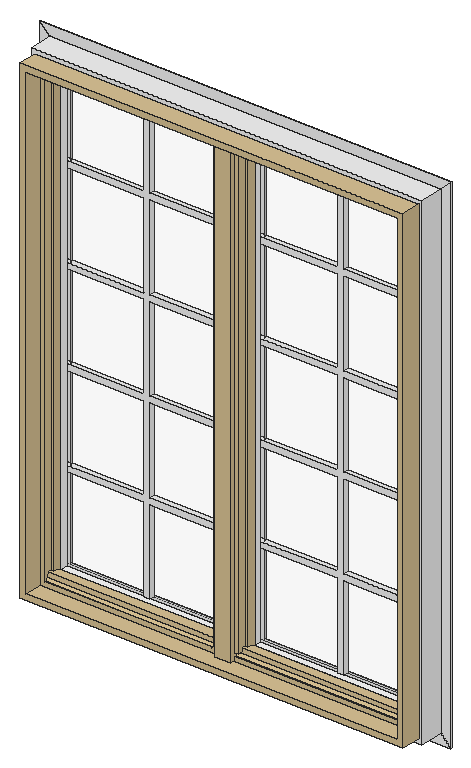
Revit family
Parameters (values of type "C25")
  Description = "400 Series Casement - Double Sash"
  Default Head Height = 6' - 8"
  Height = 4' - 11 7/8"
  Installation Flange Inset [instance] = 0' - 0 3/4"
  Manufacturer = "Andersen Corporation"
  Default Sill Height = Default Head Height - Height  # 1' - 8 1/8"
  Construction Type = "Vinyl Clad Wood"
  Model = "C25"
  Type Comments = "Shown w/ Optional Extension Jamb"
  Wall Closure = (empty or 0)
  Width = 4' - 0"
Types (9): name | Height | Default Sill Height | Model | Type Comments | Width
  (no name) | 4' - 11 7/8" | 1' - 8 1/8" | "C25" | "Shown w/ Optional Extension Jamb" | 4' - 0"
  CR25 | 4' - 11 7/8" | 1' - 8 1/8" | "CR25" | "Shown w/ Optional Extension Jamb" | 2' - 9 3/4"
  C25 | 4' - 11 7/8" | 1' - 8 1/8" | "C25" | "Shown w/ Optional Extension Jamb" | 4' - 0"
  CN25 | 4' - 11 7/8" | 1' - 8 1/8" | "CN25" | "Shown w/ Optional Extension Jambs" | 3' - 4 3/4"
  CW25 | 4' - 11 7/8" | 1' - 8 1/8" | "CW25" | "Shown w/ Optional Extension Jamb" | 4' - 8 1/2"
  C255 | 5' - 4 13/16" | 1' - 3 3/16" | "C255" | "Shown w/ Optional Extension Jamb" | 4' - 0"
  CN255 | 5' - 4 13/16" | 1' - 3 3/16" | "CN255" | "Shown w/ Optional Extension Jambs" | 3' - 4 3/4"
  CR255 | 5' - 4 13/16" | 1' - 3 3/16" | "CR255" | "Shown w/ Optional Extension Jamb" | 2' - 9 3/4"
  CW255 | 5' - 4 13/16" | 1' - 3 3/16" | "CW255" | "Shown w/ Optional Extension Jamb" | 4' - 8 1/2"
Reference planes (in)
  plane 1: y = 0
  plane 2: z = 0
  plane 3 "Center": x = 0
  plane 4 "Right": x = -24
  plane 5 "Left": x = 24
  plane 6 "Sill": z = 20.125
  plane 7 "Head Height": z = 80
  plane 8 "Installation Flange": y = 2.25
  plane 9: x = 22.2769
  plane 10: z = 22.50264
  plane 11: x = -11.90158
  plane 12: x = -1.52626
  plane 13: x = -22.2769
  plane 14: x = 11.90158
  plane 15: x = 1.52626
  plane 16: z = 22.00264
  plane 17: y = 2.5975
  plane 18: z = 78
  plane 19: z = 22.12764
  plane 20: z = 66.82553
  plane 21: z = 33.30211
  plane 22: z = 44.47658
  plane 23: z = 21.28075
  plane 24: z = 55.65106
  plane 25: z = 50.0625
Forms (in)
  Sweep 1, solid
    path origin (0, 0, 0) x (0, 0, -1) y (1, 0, 0)
      loop
        line (-20.125, 24) -> (-80, 24) -> (-80, -24) -> (-20.125, -24) -> (-20.125, 24)
    profile origin (0, 0, 0) x (0, 0, -1) y (0, -1, 0)
      loop
        line (-18.875, -2.25) -> (-20.125, -2.25) -> (-20.125, -2.375) -> (-18.875, -2.375) -> (-18.875, -2.25)
  Sweep 2, solid
    path origin (0, 2.5975, 0) x (0, 0, -1) y (1, 0, 0)
      loop
        line (-20.125, -1.12806) -> (-20.125, -23.42025)
    profile origin (-12.27415, 2.5975, 0) x (0, 0, -1) y (0, -1, 0)
      loop
        line (-78.04367, -0.652) -> (-77.98757, -0.21179) -> (-77.5698, -0.19789) -> (-77.46407, 0) -> (-78.09302, 0) -> (-78.09302, 0.625) -> (-77.56402, 0.625) -> (-77.68287, 1.348) -> (-78.36883, 1.348) -> (-78.46181, 0.8165) -> (-79.18702, 0.8165) -> (-79.18702, -0.652) -> (-78.04367, -0.652)
      loop
        line (-22.41279, 1.348) -> (-22.53164, 0.625) -> (-22.00264, 0.625) -> (-22.00264, 0) -> (-22.63159, 0) -> (-22.52586, -0.19789) -> (-22.10808, -0.21179) -> (-22.05199, -0.652) -> (-20.90864, -0.652) -> (-20.90864, 0.8165) -> (-21.63385, 0.8165) -> (-21.72683, 1.348) -> (-22.41279, 1.348)
  Sweep 3, solid
    path origin (0, 2.5975, 0) x (0, 0, -1) y (1, 0, 0)
      loop
        line (-20.125, 24) -> (-20.125, -24)
    profile origin (0, 2.5975, 0) x (0, 0, -1) y (0, -1, 0)
      loop
        line (-80, -0.9645) -> (-79.31202, -0.9645) -> (-79.31202, 0.8165) -> (-78.576, 0.8165) -> (-78.576, 3.1955) -> (-80, 3.1955) -> (-80, -0.9645)
      loop
        line (-20.76047, -0.9645) -> (-20.125, -0.9645) -> (-20.125, 3.1955) -> (-21.549, 3.1955) -> (-21.549, 0.8165) -> (-20.81298, 0.8165) -> (-20.76047, -0.9645)
  Sweep 4, solid
    path origin (0, 2.5975, 0) x (0, 0, -1) y (1, 0, 0)
      loop
        line (-20.125, 22.856) -> (-20.125, -22.856)
    profile origin (0, 2.5975, 0) x (0, 0, -1) y (0, -1, 0)
      loop
        line (-78.54687, 1.3655) -> (-77.66987, 1.3655) -> (-77.66987, 2.34528) -> (-78.02987, 2.3655) -> (-78.02987, 3.3655) -> (-78.79562, 3.3655) -> (-78.79562, 3.1955) -> (-78.54687, 3.1955) -> (-78.54687, 1.3655)
      loop
        line (-21.549, 1.3655) -> (-21.549, 3.1955) -> (-21.28075, 3.1955) -> (-21.28075, 3.3655) -> (-21.832, 3.3655) -> (-21.832, 3.2155) -> (-22.144, 2.9305) -> (-22.678, 2.88793) -> (-22.678, 1.6315) -> (-22.38, 1.3655) -> (-21.549, 1.3655)
  Sweep 5, solid
    path origin (0, 2.5975, 0) x (0, 0, -1) y (1, 0, 0)
      loop
        line (-20.125, 23.543) -> (-20.125, -23.543)
    profile origin (0, 2.5975, 0) x (0, 0, -1) y (0, -1, 0)
      loop
        line (-79.4836, 5.5975) -> (-79.4836, 3.1955) -> (-78.7966, 3.1955) -> (-78.7966, 5.5975) -> (-79.4836, 5.5975)
      loop
        line (-21.28075, 5.5975) -> (-21.28075, 3.1955) -> (-20.59375, 3.1955) -> (-20.59375, 5.5975) -> (-21.28075, 5.5975)
  Sweep 6, solid
    path origin (0, 2.5975, 0) x (0, 0, -1) y (1, 0, 0)
      loop
        line (-20.90864, -24) -> (-79.18702, -24)
    profile origin (0, 2.5975, 50.04783) x (-1, 0, 0) y (0, -1, 0)
      loop
        line (21.6973, 0) -> (21.80303, -0.19789) -> (22.22081, -0.21179) -> (22.2769, -0.652) -> (23.42025, -0.652) -> (23.42025, 0.8165) -> (22.69504, 0.8165) -> (22.60206, 1.348) -> (21.9161, 1.348) -> (21.79725, 0.625) -> (22.32625, 0.625) -> (22.32625, 0) -> (21.6973, 0)
      loop
        line (2.1258, 0) -> (1.49685, 0) -> (1.49685, 0.625) -> (2.02585, 0.625) -> (1.907, 1.348) -> (1.22104, 1.348) -> (1.12806, 0.8165) -> (0.40285, 0.8165) -> (0.40285, -0.652) -> (1.5462, -0.652) -> (1.60229, -0.21179) -> (2.02007, -0.19789) -> (2.1258, 0)
  Sweep 7, solid
    path origin (0, 0, 0) x (0, 0, -1) y (1, 0, 0)
      loop
        line (-79.4836, -24) -> (-20.59375, -24)
    profile origin (0, 0, 50.03868) x (0, -1, 0) y (1, 0, 0)
      loop
        line (3, -23.543) -> (3, -22.856) -> (0.598, -22.856) -> (0.598, -23.543) -> (3, -23.543)
      loop
        line (3, 23.543) -> (0.598, 23.543) -> (0.598, 22.856) -> (3, 22.856) -> (3, 23.543)
  Sweep 8, solid
    path origin (0, 2.5975, 0) x (0, 0, -1) y (1, 0, 0)
      loop
        line (-20.125, 24) -> (-80, 24)
    profile origin (0, 2.5975, 50.0625) x (-1, 0, 0) y (0, -1, 0)
      loop
        line (-23.514, 0.8165) -> (-22.856, 0.8165) -> (-22.856, 3.1955) -> (-24, 3.1955) -> (-24, -0.9645) -> (-23.514, -0.9645) -> (-23.514, 0.8165)
      loop
        line (23.514, 0.8165) -> (23.514, -0.9645) -> (24, -0.9645) -> (24, 3.1955) -> (22.856, 3.1955) -> (22.856, 0.8165) -> (23.514, 0.8165)
  Sweep 9, solid
    path origin (0, 0, 0) x (0, 0, -1) y (1, 0, 0)
      loop
        line (-78.79562, -24) -> (-21.28075, -24)
    profile origin (0, 0, 50.03818) x (0, -1, 0) y (1, 0, 0)
      loop
        line (0.768, -22.856) -> (0.768, -22.309) -> (-0.232, -22.309) -> (-0.25222, -21.949) -> (-1.2495, -21.949) -> (-1.2495, -22.856) -> (0.768, -22.856)
      loop
        line (0.768, -1) -> (-1.2495, -1) -> (-1.2495, -1.907) -> (-0.25222, -1.907) -> (-0.25222, -1.547) -> (0.768, -1.547) -> (0.768, -1)
  Extrusion 10, solid
    sketch origin (0, 2.5975, 0) x (0, 0, 1) y (1, 0, 0)
      loop
        line (67.20053, -11.52658) -> (67.20053, -1.52626) -> (66.45053, -1.52626) -> (66.45053, -11.52658) -> (56.02606, -11.52658) -> (56.02606, -1.52626) -> (55.27606, -1.52626) -> (55.27606, -11.52658) -> (44.85158, -11.52658) -> (44.85158, -1.52626) -> (44.10158, -1.52626) -> (44.10158, -11.52658) -> (33.67711, -11.52658) -> (33.67711, -1.52626) -> (32.92711, -1.52626) -> (32.92711, -11.52658) -> (22.50264, -11.52658) -> (22.50264, -12.27658) -> (32.92711, -12.27658) -> (32.92711, -22.2769) -> (33.67711, -22.2769) -> (33.67711, -12.27658) -> (44.10158, -12.27658) -> (44.10158, -22.2769) -> (44.85158, -22.2769) -> (44.85158, -12.27658) -> (55.27606, -12.27658) -> (55.27606, -22.2769) -> (56.02606, -22.2769) -> (56.02606, -12.27658) -> (66.45053, -12.27658) -> (66.45053, -22.2769) -> (67.20053, -22.2769) -> (67.20053, -12.27658) -> (77.78198, -12.27658) -> (77.78198, -11.52658) -> (67.20053, -11.52658)
    from -0.625 to 0
  Sweep 11, solid
    path origin (0, 2.5975, 0) x (0, 0, -1) y (1, 0, 0)
      loop
        line (-78.7966, 0) -> (-21.28075, 0)
    profile origin (0, 2.5975, 50.03868) x (0, -1, 0) y (1, 0, 0)
      loop
        line (3.8655, -1) -> (3.8655, 1) -> (2.88793, 1) -> (2.88793, -1) -> (3.8655, -1)
  Sweep 12, solid
    path origin (0, 2.5975, -3.57077) x (0, 0, -1) y (1, 0, 0)
      loop
        line (-24.47941, 22.2769) -> (-82.36639, 22.2769)
    profile origin (0, 2.5975, 49.85213) x (-1, 0, 0) y (0, -1, 0)
      loop
        line (-21.6973, 0) -> (-22.32625, 0) -> (-22.32625, 0.625) -> (-21.79725, 0.625) -> (-21.9161, 1.348) -> (-22.60206, 1.348) -> (-22.69504, 0.8165) -> (-23.42025, 0.8165) -> (-23.42025, -0.652) -> (-22.2769, -0.652) -> (-22.22081, -0.21179) -> (-21.80303, -0.19789) -> (-21.6973, 0)
      loop
        line (-2.1258, 0) -> (-2.02007, -0.19789) -> (-1.60229, -0.21179) -> (-1.5462, -0.652) -> (-0.40285, -0.652) -> (-0.40285, 0.8165) -> (-1.12806, 0.8165) -> (-1.22104, 1.348) -> (-1.907, 1.348) -> (-2.02585, 0.625) -> (-1.49685, 0.625) -> (-1.49685, 0) -> (-2.1258, 0)
  Sweep 13, solid
    path origin (0, 2.5975, -0.3914) x (0, 0, -1) y (1, 0, 0)
      loop
        line (-21.20438, 23.42025) -> (-21.20438, 0.40285)
    profile origin (11.91155, 2.5975, 0) x (0, 0, -1) y (0, -1, 0)
      loop
        line (-78.04428, -0.652) -> (-77.98819, -0.21179) -> (-77.57041, -0.19789) -> (-77.46468, 0) -> (-78.09363, 0) -> (-78.09363, 0.625) -> (-77.56463, 0.625) -> (-77.68348, 1.348) -> (-78.36944, 1.348) -> (-78.46243, 0.8165) -> (-79.18702, 0.8165) -> (-79.18702, -0.652) -> (-78.04428, -0.652)
      loop
        line (-22.41279, 1.348) -> (-22.53164, 0.625) -> (-22.00264, 0.625) -> (-22.00264, 0) -> (-22.63159, 0) -> (-22.52586, -0.19789) -> (-22.10808, -0.21179) -> (-22.05199, -0.652) -> (-20.90864, -0.652) -> (-20.90864, 0.8165) -> (-21.63385, 0.8165) -> (-21.72683, 1.348) -> (-22.41279, 1.348)
  Sweep 14, solid
    path origin (0, 2.5975, 0) x (0, 0, -1) y (1, 0, 0)
      loop
        line (-79.31202, 0) -> (-20.81298, 0)
    profile origin (0, 2.5975, 50.0625) x (0, -1, 0) y (1, 0, 0)
      loop
        line (0.8165, -1) -> (2.88793, -1) -> (2.88793, 1) -> (0.8165, 1) -> (0.8165, 0.40285) -> (-0.9645, 0.24703) -> (-0.9645, -0.24703) -> (0.8165, -0.40285) -> (0.8165, -1)
  Extrusion 15, solid
    sketch origin (0, 2.5975, 0) x (0, 0, -1) y (1, 0, 0)
      loop
        line (-32.92711, 1.52626) -> (-32.92711, 11.52658) -> (-22.50264, 11.52658) -> (-22.50264, 12.27658) -> (-32.92711, 12.27658) -> (-32.92711, 22.2769) -> (-33.67711, 22.2769) -> (-33.67711, 12.27658) -> (-44.10158, 12.27658) -> (-44.10158, 22.2769) -> (-44.85158, 22.2769) -> (-44.85158, 12.27658) -> (-55.27606, 12.27658) -> (-55.27606, 22.2769) -> (-56.02606, 22.2769) -> (-56.02606, 12.27658) -> (-66.45053, 12.27658) -> (-66.45053, 22.2769) -> (-67.20053, 22.2769) -> (-67.20053, 12.27658) -> (-77.78198, 12.27658) -> (-77.78198, 11.52658) -> (-67.20053, 11.52658) -> (-67.20053, 1.52626) -> (-66.45053, 1.52626) -> (-66.45053, 11.52658) -> (-56.02606, 11.52658) -> (-56.02606, 1.52626) -> (-55.27606, 1.52626) -> (-55.27606, 11.52658) -> (-44.85158, 11.52658) -> (-44.85158, 1.52626) -> (-44.10158, 1.52626) -> (-44.10158, 11.52658) -> (-33.67711, 11.52658) -> (-33.67711, 1.52626) -> (-32.92711, 1.52626)
    from 0 to 0.625
  Extrusion 16, solid
    sketch origin (0, 2.5975, 0) x (0, 0, -1) y (1, 0, 0)
      loop
        line (-77.875, 22.2769) -> (-77.875, 1.52626) -> (-22.50264, 1.52626) -> (-22.50264, 22.2769) -> (-77.875, 22.2769)
      loop
        line (-77.875, -22.2769) -> (-22.50264, -22.2769) -> (-22.50264, -1.52626) -> (-77.875, -1.52626) -> (-77.875, -22.2769)
    from 0 to 0.625
  Extrusion 17, solid
    sketch origin (0, 0, 0) x (1, 0, 0) y (0, 1, 0)
      loop
        line (1, -0.768) -> (1.547, -0.768) -> (1.547, 0.25222) -> (1.907, 0.25222) -> (1.907, 1.2495) -> (1, 1.2495) -> (1, -0.768)
      loop
        line (22.856, -0.768) -> (22.856, 1.2495) -> (21.949, 1.2495) -> (21.949, 0.25222) -> (22.309, 0.25222) -> (22.309, -0.768) -> (22.856, -0.768)
    from 22.25264 to 78.79562
Cuts and joins
  joined: Sweep 2, Sweep 6
  joined: Sweep 5, Sweep 7
  joined: Sweep 3, Sweep 8
  joined: Sweep 4, Sweep 9, Extrusion 17
  joined: Sweep 12, Sweep 13
Lines and regions (in)
  Opening 1
    outline origin (-60, -3, 0) x (1, 0, 0) y (0, 0, 1)
      loop
        line (35.75, 80.25) -> (35.75, 19.875) -> (84.25, 19.875) -> (84.25, 80.25) -> (35.75, 80.25)
  symbolic lines, style "WindowsFrameMullionProjection"
    curve 1: line (2.10586, 1.9725, 0) -> (21.6973, 1.9725, 0)
    curve 2: line (2.10586, 2.5975, 0) -> (21.6973, 2.5975, 0)
  symbolic lines
    curve 3: line (-24, 3.562, 0) -> (-24, -0.598, 0)
    curve 4: line (-22.856, 3.562, 0) -> (-24, 3.562, 0)
    curve 5: line (-23.543, -0.598, 0) -> (-23.543, -3, 0)
    curve 6: line (-24, -0.598, 0) -> (-23.543, -0.598, 0)
    curve 7: line (-22.856, 3.2495, 0) -> (-22.856, 3.562, 0)
    curve 8: line (-21.6973, 3.2495, 0) -> (-22.856, 3.2495, 0)
    curve 9: line (-22.856, 1.2495, 0) -> (-21.6973, 1.2495, 0)
    curve 10: line (-21.6973, 1.2495, 0) -> (-21.6973, 3.2495, 0)
    curve 11: line (-22.856, -3, 0) -> (-22.856, 1.2495, 0)
    curve 12: line (-23.543, -3, 0) -> (-22.856, -3, 0)
    curve 13: line (24, 3.562, 0) -> (24, -0.598, 0)
    curve 14: line (22.856, 3.562, 0) -> (24, 3.562, 0)
    curve 15: line (23.543, -0.598, 0) -> (23.543, -3, 0)
    curve 16: line (24, -0.598, 0) -> (23.543, -0.598, 0)
    curve 17: line (22.856, 3.2495, 0) -> (22.856, 3.562, 0)
    curve 18: line (21.6973, 3.2495, 0) -> (22.856, 3.2495, 0)
    curve 19: line (22.856, 1.2495, 0) -> (21.6973, 1.2495, 0)
    curve 20: line (21.6973, 1.2495, 0) -> (21.6973, 3.2495, 0)
    curve 21: line (22.856, -3, 0) -> (22.856, 1.2495, 0)
    curve 22: line (23.543, -3, 0) -> (22.856, -3, 0)
    curve 23: line (-21.6973, 2.5975, 0) -> (-2.1258, 2.5975, 0)
    curve 24: line (-0.94716, 3.562, 0) -> (0.94716, 3.562, 0)
    curve 25: line (-0.94716, 3.2495, 0) -> (-0.94716, 3.562, 0)
    curve 26: line (-2.10586, 3.2495, 0) -> (-0.94716, 3.2495, 0)
    curve 27: line (-1, 1.232, 0) -> (-2.10586, 1.232, 0)
    curve 28: line (-2.10586, 1.232, 0) -> (-2.10586, 3.2495, 0)
    curve 29: line (-1, -1.268, 0) -> (-1, 1.232, 0)
    curve 30: line (-1, -1.268, 0) -> (1, -1.268, 0)
    curve 31: line (0.94716, 3.2495, 0) -> (0.94716, 3.562, 0)
    curve 32: line (2.10586, 3.2495, 0) -> (0.94716, 3.2495, 0)
    curve 33: line (1, 1.2495, 0) -> (2.10586, 1.2495, 0)
    curve 34: line (2.10586, 1.2495, 0) -> (2.10586, 3.2495, 0)
    curve 35: line (1, -1.268, 0) -> (1, 1.2495, 0)
    curve 40: line (-21.6973, 1.95607, 0) -> (-2.1258, 1.95607, 0)
  symbolic lines, style "Elevation Swing"
    curve 36: line (2.1258, 0, 77.46468) -> (21.6973, 0, 50.04814)
    curve 37: line (21.6973, 0, 50.04814) -> (2.1258, 0, 22.63159)
    curve 38: line (-2.1258, 0, 77.46468) -> (-21.6973, 0, 50.04814)
    curve 39: line (-21.6973, 0, 50.04814) -> (-2.1258, 0, 22.63159)
Text (in)
  text "EXTERIOR" at (-56.58296, 30.41546, 0), in view "Ref. Level"
  text "INTERIOR" at (-58.6888, -13.80711, 0), in view "Ref. Level"
  text "Exterior" at (0, 28.69995, 90.16741), in view "Left"
  text "Exterior" at (0, 18.29385, 125.04747), in view "Right"
Dimensions and locks (in)
  equal spacing: plane 4 "Right", plane 3 "Center", plane 5 "Left"
  "Width": plane 4 "Right" to plane 5 "Left"
  "Height": plane 6 "Sill" to plane 7 "Head Height"
  locked: plane 5 "Left" to Opening 1 sketch curve at 0.25
  locked: plane 7 "Head Height" to Opening 1 sketch curve at 0.25
  locked: Opening 1 sketch curve to plane 4 "Right" at 0.25
  locked: Opening 1 sketch curve to plane 6 "Sill" at 0.25
  "Installation Flange Inset": host wall to plane 8 "Installation Flange"
  Sweep 1 sketch curve to plane 6 "Sill" = 0' - 1 1/4"
  locked: Sweep 1 sketch curve to plane 8 "Installation Flange" at 0.125
  locked: plane 4 "Right" to Sweep 6 sketch curve at 0.57975
  plane 4 "Right" to Sweep 7 sketch curve to Sweep 7 sketch curve = 0' - 0.457" locked, 0' - 0.687" locked
  Sweep 7 sketch curve to Sweep 7 sketch curve to plane 5 "Left" = 0' - 0.687" locked, 0' - 0.457" locked
  plane 6 "Sill" to Sweep 4 sketch curve to Sweep 4 sketch curve = 0' - 1.424" locked, 0' - 1.129" locked
  Sweep 4 sketch curve to Sweep 4 sketch curve to plane 7 "Head Height" = 0' - 0.877" locked, 0' - 1 29/64" locked
  Sweep 2 sketch curve to Sweep 2 sketch curve to plane 7 "Head Height" = 0' - 1.14335" locked, 0' - 0.81298" locked
  Sweep 2 sketch curve to plane 8 "Installation Flange" to Sweep 2 sketch curve to Sweep 2 sketch curve = 0' - 0.9995" locked, 0' - 0.469" locked, 0' - 0.5315" locked
  locked: plane 8 "Installation Flange" to Sweep 5 sketch curve at 2.848
  locked: Sweep 5 sketch curve to plane 7 "Head Height" at 1.2034
  plane 6 "Sill" to Sweep 5 sketch curve to Sweep 5 sketch curve = 0' - 0 15/32" locked, 0' - 0.687" locked
  Sweep 3 sketch curve to Sweep 3 sketch curve to plane 7 "Head Height" = 0' - 0.73602" locked, 0' - 0.68798" locked
  plane 6 "Sill" to Sweep 3 sketch curve to Sweep 3 sketch curve = 0' - 0" locked, 0' - 1.424" locked
  Sweep 9 sketch curve to Sweep 9 sketch curve to plane 8 "Installation Flange" = 0' - 2.0175" locked, 0' - 1.0005" locked
  plane 4 "Right" to Sweep 9 sketch curve to Sweep 9 sketch curve = 0' - 1.144" locked, 0' - 0.907" locked
  plane 8 "Installation Flange" to Sweep 4 sketch curve to Sweep 4 sketch curve = 0' - 1.018" locked, 0' - 2" locked
  Sweep 3 sketch curve to plane 8 "Installation Flange" to Sweep 3 sketch curve = 0' - 1.312" locked, 0' - 2.848" locked
  Sweep 6 sketch curve to plane 8 "Installation Flange" to Sweep 6 sketch curve = 0' - 1.0005" locked, 0' - 0.9995" locked
  plane 9 to plane 5 "Left" = 0' - 1.7231"
  Extrusion 10 sketch curve to plane 11 to Extrusion 10 sketch curve = 0' - 0 3/8" locked, 0' - 0 3/8" locked
  Sweep 6 sketch curve to plane 3 "Center" = 0' - 0.40285"
  plane 15 to plane 3 "Center" to plane 12 = 0' - 1.52626" locked, 0' - 1.52626" locked
  locked: plane 4 "Right" to plane 13 at 1.7231
  equal spacing: plane 12, plane 11, plane 13
  locked: Sweep 11 sketch curve to cut or joined group of Sweep 4, Sweep 9, Extrusion 17 at 0.5
  Extrusion 10 sketch curve to plane 20 to Extrusion 10 sketch curve = 0' - 0 3/8" locked, 0' - 0 3/8" locked
  Extrusion 10 sketch curve to plane 21 to Extrusion 10 sketch curve = 0' - 0 3/8" locked, 0' - 0 3/8" locked
  equal spacing: plane 9, plane 14, plane 15
  locked: plane 9 to plane 5 "Left" at 1.7231
  locked: Sweep 13 sketch curve to plane 8 "Installation Flange" at 0.9995
  Sweep 8 sketch curve to plane 8 "Installation Flange" to Sweep 8 sketch curve = 0' - 2.848" locked, 0' - 1.312" locked
  locked: plane 3 "Center" to Sweep 12 sketch curve at 0.40285
  Extrusion 15 sketch curve to plane 14 to Extrusion 15 sketch curve = 0' - 0 3/8" locked, 0' - 0 3/8" locked
  locked: plane 10 to plane 16 at 0.5
  locked: plane 17 to plane 8 "Installation Flange" at 0.3475
  locked: plane 8 "Installation Flange" to Extrusion 16 at 0.3475
  Sweep 9 sketch curve to Sweep 9 sketch curve to Sweep 9 sketch curve to plane 3 "Center" = 0' - 0.36" locked, 0' - 0.547" locked, 0' - 1" locked
  plane 3 "Center" to Sweep 14 to Extrusion 17 sketch curve to Extrusion 17 sketch curve = 0' - 1" locked, 0' - 0.547" locked, 0' - 0.36" locked
  Extrusion 17 sketch curve to Extrusion 17 sketch curve to Extrusion 17 sketch curve to plane 5 "Left" = 0' - 0.36" locked, 0' - 0.547" locked, 0' - 1.144" locked
  plane 6 "Sill" to plane 10 = 0' - 2.37764"
  locked: plane 18 to plane 7 "Head Height" at 2
  equal spacing: plane 19, plane 21, plane 22, plane 24, plane 20, plane 18
  locked: plane 6 "Sill" to plane 19 at 2.00264
  locked: Extrusion 17 sketch curve to plane 8 "Installation Flange" at 1.99778
  Sweep 14 sketch curve to Sweep 14 sketch curve to plane 8 "Installation Flange" = 0' - 2.07143" locked, 0' - 0.469" locked
  Extrusion 10 sketch curve to plane 22 to Extrusion 10 sketch curve = 0' - 0 3/8" locked, 0' - 0 3/8" locked
  locked: plane 23 to plane 6 "Sill" at 1.15575
  Extrusion 10 sketch curve to plane 24 to Extrusion 10 sketch curve = 0' - 0 3/8" locked, 0' - 0 3/8" locked
  level to plane 7 "Head Height" = 6' - 8"
  "Default Sill Height": level to plane 6 "Sill"
  equal spacing: plane 6 "Sill", plane 25, plane 7 "Head Height"
  aligned and locked: Sweep 1 sketch curve to plane 6 "Sill"
  aligned and locked: plane 7 "Head Height" to Sweep 1 sketch curve
  aligned and locked: Sweep 1 sketch curve to plane 4 "Right"
  aligned and locked: Sweep 1 sketch curve to plane 5 "Left"
  aligned and locked: Sweep 1 sketch curve to plane 8 "Installation Flange"
  aligned and locked: plane 6 "Sill" to Sweep 1 sketch curve
  aligned and locked: Sweep 1 to Sweep 3 sketch curve
  aligned and locked: Sweep 3 sketch curve to plane 6 "Sill"
  aligned and locked: plane 5 "Left" to Sweep 3 sketch curve
  aligned and locked: Sweep 4 sketch curve to plane 6 "Sill"
  aligned and locked: Sweep 5 sketch curve to plane 6 "Sill"
  aligned and locked: host wall to Sweep 5 sketch curve  (x2)
  aligned and locked: Sweep 6 sketch curve to plane 4 "Right"
  aligned and locked: Sweep 2 to Sweep 6 sketch curve  (x2)
  aligned and locked: Sweep 2 sketch curve to plane 6 "Sill"
  aligned and locked: plane 4 "Right" to Sweep 7 sketch curve
  aligned and locked: Sweep 7 sketch curve to host wall
  aligned and locked: Sweep 7 sketch curve to Sweep 5
  aligned and locked: host wall to Sweep 7 sketch curve
  aligned and locked: Sweep 5 to Sweep 7 sketch curve  (x3)
  aligned and locked: Sweep 8 sketch curve to Sweep 3  (x2)
  aligned and locked: Sweep 3 to Sweep 8 sketch curve
  aligned and locked: plane 4 "Right" to Sweep 9 sketch curve
  aligned and locked: Sweep 4 to Sweep 9 sketch curve
  aligned and locked: Sweep 9 sketch curve to Sweep 4
  aligned and locked: Sweep 4 sketch curve to Sweep 4 sketch curve  (x2)
  aligned and locked: Sweep 2 sketch curve to Sweep 2 sketch curve  (x3)
  aligned and locked: Sweep 5 sketch curve to Sweep 5 sketch curve
  aligned and locked: Sweep 3 sketch curve to Sweep 3 sketch curve  (x2)
  aligned and locked: host wall to cut or joined group of Sweep 5, Sweep 7
  aligned and locked: Sweep 6 sketch curve to Sweep 6 sketch curve
  aligned and locked: Extrusion 10 sketch curve to Extrusion 10 sketch curve  (x12)
  aligned and locked: plane 10 to Extrusion 10 sketch curve
  aligned and locked: Extrusion 10 sketch curve to plane 13  (x3)
  aligned and locked: plane 12 to Extrusion 10 sketch curve  (x3)
  aligned and locked: plane 9 to Sweep 12 sketch curve
  aligned and locked: cut or joined group of Sweep 3, Sweep 8 to Sweep 13 sketch curve
  aligned and locked: Sweep 13 sketch curve to Sweep 13 sketch curve  (x3)
  aligned and locked: Sweep 13 sketch curve to cut or joined group of Sweep 2, Sweep 6  (x3)
  aligned and locked: cut or joined group of Sweep 2, Sweep 6 to Sweep 12 sketch curve
  aligned and locked: Sweep 12 sketch curve to cut or joined group of Sweep 2, Sweep 6
  aligned and locked: Sweep 8 sketch curve to Sweep 8 sketch curve  (x2)
  aligned and locked: Sweep 14 sketch curve to cut or joined group of Sweep 3, Sweep 8  (x2)
  aligned and locked: cut or joined group of Sweep 3, Sweep 8 to Sweep 14 sketch curve
  aligned and locked: cut or joined group of Sweep 5, Sweep 7 to Sweep 4 sketch curve
  aligned and locked: Extrusion 15 sketch curve to Extrusion 10  (x10)
  aligned and locked: Extrusion 10 to Extrusion 15 sketch curve  (x8)
  aligned and locked: Extrusion 15 sketch curve to plane 9  (x3)
  aligned and locked: plane 15 to Extrusion 15 sketch curve  (x3)
  aligned and locked: Extrusion 15 to Extrusion 10
  aligned and locked: Extrusion 10 to Extrusion 15
  aligned and locked: Extrusion 15 sketch curve to Extrusion 15 sketch curve  (x4)
  aligned and locked: Sweep 13 sketch curve to cut or joined group of Sweep 12, Sweep 13
  aligned and locked: Extrusion 16 sketch curve to plane 10
  aligned and locked: plane 15 to Extrusion 16 sketch curve
  aligned and locked: Extrusion 16 sketch curve to plane 9
  aligned and locked: plane 16 to cut or joined group of Sweep 2, Sweep 6
  aligned and locked: plane 17 to Extrusion 10
  aligned and locked: plane 17 to Extrusion 16
  aligned and locked: plane 17 to Extrusion 15
  aligned and locked: plane 12 to Extrusion 16 sketch curve
  aligned and locked: Extrusion 16 sketch curve to plane 13
  aligned and locked: Extrusion 16 sketch curve to Extrusion 16 sketch curve  (x2)
  aligned and locked: Extrusion 16 to cut or joined group of Sweep 2, Sweep 6
  aligned and locked: Extrusion 10 to Extrusion 16
  aligned and locked: Extrusion 15 to Extrusion 16
  aligned and locked: Extrusion 17 sketch curve to Extrusion 17 sketch curve  (x2)
  aligned and locked: Extrusion 17 sketch curve to cut or joined group of Sweep 4, Sweep 9, Extrusion 17
  aligned and locked: cut or joined group of Sweep 4, Sweep 9, Extrusion 17 to Extrusion 17 sketch curve  (x2)
  aligned and locked: Extrusion 17 to cut or joined group of Sweep 12, Sweep 13
  aligned and locked: host wall to curve 12
  aligned and locked: cut or joined group of Sweep 3, Sweep 8 to curve 4
  aligned and locked: cut or joined group of Sweep 2, Sweep 6 to curve 8
  aligned and locked: cut or joined group of Sweep 2, Sweep 6 to curve 9
  aligned and locked: curve 6 to cut or joined group of Sweep 3, Sweep 8
  aligned and locked: curve 30 to Sweep 11
  aligned and locked: curve 24 to cut or joined group of Sweep 3, Sweep 8
  aligned and locked: curve 32 to cut or joined group of Sweep 2, Sweep 6
  aligned and locked: cut or joined group of Sweep 2, Sweep 6 to curve 33
  aligned and locked: cut or joined group of Sweep 4, Sweep 9, Extrusion 17 to curve 27
  aligned and locked: curve 29 to Sweep 14
  aligned and locked: curve 35 to Sweep 14
  aligned and locked: Sweep 14 sketch curve to Sweep 14 sketch curve
  aligned and locked: Sweep 11 sketch curve to Sweep 14
  aligned and locked: curve 26 to cut or joined group of Sweep 2, Sweep 6
  aligned and locked: curve 18 to cut or joined group of Sweep 12, Sweep 13
  aligned and locked: curve 14 to cut or joined group of Sweep 3, Sweep 8
  aligned and locked: curve 16 to cut or joined group of Sweep 3, Sweep 8
  aligned and locked: plane 23 to cut or joined group of Sweep 5, Sweep 7
Automatic sketch dimensions
  Sweep 2 sketch curve to Sweep 2 sketch curve = 0' - 0.09298"
  Sweep 2 sketch curve to Sweep 2 sketch curve = 0' - 0.36879"  (x2)
  Sweep 2 sketch curve to Sweep 2 sketch curve = 0' - 0.04935"
  Sweep 2 sketch curve to Sweep 2 sketch curve = 0' - 0.10544"
  Sweep 2 sketch curve to Sweep 2 sketch curve = 0' - 0.68596"  (x2)
  Sweep 2 sketch curve to Sweep 2 sketch curve = 0' - 0.41777"  (x2)
  Sweep 2 sketch curve to Sweep 2 sketch curve = 0' - 0.529"  (x2)
  Sweep 2 sketch curve to Sweep 2 sketch curve = 0' - 0.10573"  (x2)
  Sweep 2 sketch curve to Sweep 2 sketch curve = 0' - 0.09995"
  Sweep 2 sketch curve to Sweep 2 sketch curve = 0' - 0.11885"
  Sweep 2 sketch curve to Sweep 2 sketch curve = 0' - 0.0561"
  Sweep 2 sketch curve to Sweep 2 sketch curve = 0' - 0.44021"  (x2)
  Sweep 2 sketch curve to Sweep 2 sketch curve = 0' - 0.0139"  (x2)
  Sweep 2 sketch curve to Sweep 2 sketch curve = 0' - 0.19789"
  Sweep 2 sketch curve to Sweep 2 sketch curve = 0' - 0.21179"
  Sweep 2 sketch curve to Sweep 2 sketch curve = 0' - 0.1915"  (x2)
  Sweep 6 sketch curve to Sweep 6 sketch curve = 0' - 0.72521"
  Sweep 6 sketch curve to Sweep 6 sketch curve = 0' - 0.09298"
  Sweep 6 sketch curve to Sweep 6 sketch curve = 0' - 0.36879"  (x2)
  Sweep 6 sketch curve to Sweep 6 sketch curve = 0' - 0.04935"
  Sweep 6 sketch curve to Sweep 6 sketch curve = 0' - 0.10544"  (x2)
  Sweep 6 sketch curve to Sweep 6 sketch curve = 0' - 0.68596"  (x2)
  Sweep 6 sketch curve to Sweep 6 sketch curve = 0' - 0.41777"  (x2)
  Sweep 6 sketch curve to Sweep 6 sketch curve = 0' - 0.529"
  Sweep 6 sketch curve to Sweep 6 sketch curve = 0' - 0.10573"  (x2)
  profile plane to Sweep 6 sketch curve = 0' - 2.3027"
  Sweep 6 sketch curve to Sweep 6 sketch curve = 0' - 0.09995"
  Sweep 6 sketch curve to Sweep 6 sketch curve = 0' - 0.11885"
  Sweep 6 sketch curve to Sweep 6 sketch curve = 0' - 0.0561"
  Sweep 6 sketch curve to Sweep 6 sketch curve = 0' - 0.44021"  (x2)
  Sweep 6 sketch curve to Sweep 6 sketch curve = 0' - 0.0139"  (x2)
  Sweep 6 sketch curve to Sweep 6 sketch curve = 0' - 0.21179"
  Sweep 6 sketch curve to Sweep 6 sketch curve = 0' - 0.19789"
  Sweep 6 sketch curve to Sweep 6 sketch curve = 0' - 0 5/8"
  Sweep 6 sketch curve to Sweep 6 sketch curve = 0' - 0.1915"  (x2)
  Sweep 6 sketch curve to Sweep 6 sketch curve = 0' - 0.5315"
  Sweep 5 sketch curve to plane 4 "Right" = 0' - 0.457"
  plane 5 "Left" to Sweep 5 sketch curve = 0' - 0.457"
  Sweep 8 sketch curve to profile plane = 0' - 0"
  Sweep 8 sketch curve to Sweep 8 sketch curve = 0' - 0.486"  (x2)
  Sweep 8 sketch curve to Sweep 8 sketch curve = 0' - 1.144"
  Sweep 8 sketch curve to Sweep 8 sketch curve = 0' - 0.658"
  Sweep 8 sketch curve to Sweep 8 sketch curve = 0' - 1.781"  (x2)
  Sweep 8 sketch curve to plane 5 "Left" = 0' - 0"
  plane 5 "Left" to Sweep 4 sketch curve = 0' - 1.144"
  Sweep 4 sketch curve to plane 4 "Right" = 0' - 1.144"
  Sweep 6 sketch curve to Sweep 6 sketch curve = 0' - 1.277"
  Sweep 11 sketch curve to plane 3 "Center" = 0' - 0"
  Sweep 2 sketch curve to plane 4 "Right" = 0' - 0.57975"
  Sweep 2 sketch curve to plane 3 "Center" = 0' - 1.12806"
  plane 5 "Left" to Sweep 13 sketch curve = 0' - 0.57975"
  Sweep 14 sketch curve to plane 3 "Center" = 0' - 0"
  Sweep 14 sketch curve to profile plane = 0' - 0.24703"
  profile plane to Sweep 14 sketch curve = 0' - 0.40285"
  profile plane to Sweep 14 sketch curve = 0' - 1"
  profile plane to Sweep 14 sketch curve = 0' - 0.24703"
  Sweep 14 sketch curve to profile plane = 0' - 0.40285"
  Sweep 14 sketch curve to Sweep 14 sketch curve = 0' - 0.59715"
  Sweep 3 sketch curve to Sweep 3 sketch curve = 0' - 0.68798"
  profile plane to Sweep 3 sketch curve = 0' - 0.68798"
  profile plane to Sweep 3 sketch curve = 0' - 0.63547"
  Sweep 3 sketch curve to Sweep 3 sketch curve = 0' - 1.781"  (x2)
  Sweep 13 sketch curve to Sweep 13 sketch curve = 0' - 0.72459"
  Sweep 13 sketch curve to Sweep 13 sketch curve = 0' - 0.09298"
  Sweep 13 sketch curve to Sweep 13 sketch curve = 0' - 0.36879"  (x2)
  Sweep 13 sketch curve to Sweep 13 sketch curve = 0' - 0.04935"
  Sweep 13 sketch curve to Sweep 13 sketch curve = 0' - 0.10544"
  Sweep 13 sketch curve to Sweep 13 sketch curve = 0' - 0.68596"  (x2)
  Sweep 13 sketch curve to Sweep 13 sketch curve = 0' - 0.41777"  (x2)
  Sweep 13 sketch curve to Sweep 13 sketch curve = 0' - 0.529"  (x2)
  Sweep 13 sketch curve to Sweep 13 sketch curve = 0' - 0.10573"  (x2)
  profile plane to Sweep 13 sketch curve = 0' - 1.81861"
  Sweep 13 sketch curve to Sweep 13 sketch curve = 0' - 0.09995"
  Sweep 13 sketch curve to Sweep 13 sketch curve = 0' - 0.11885"
  Sweep 13 sketch curve to Sweep 13 sketch curve = 0' - 0.0561"
  profile plane to Sweep 13 sketch curve = 0' - 0.09566"
  Sweep 13 sketch curve to Sweep 13 sketch curve = 0' - 0.44021"  (x2)
  Sweep 13 sketch curve to Sweep 13 sketch curve = 0' - 0.0139"  (x2)
  Sweep 13 sketch curve to Sweep 13 sketch curve = 0' - 0.19789"
  Sweep 13 sketch curve to Sweep 13 sketch curve = 0' - 0.21179"
  Sweep 13 sketch curve to Sweep 13 sketch curve = 0' - 0 5/8"  (x2)
  Sweep 13 sketch curve to Sweep 13 sketch curve = 0' - 0.1915"
  Sweep 12 sketch curve to profile plane = 0' - 0"
  profile plane to Sweep 12 sketch curve = 0' - 0.04935"
  profile plane to Sweep 12 sketch curve = 0' - 0.32516"
  Sweep 12 sketch curve to Sweep 12 sketch curve = 0' - 0.36879"  (x2)
  Sweep 12 sketch curve to Sweep 12 sketch curve = 0' - 0.72521"  (x2)
  Sweep 12 sketch curve to profile plane = 0' - 0.0561"
  Sweep 12 sketch curve to profile plane = 0' - 0.3608"
  Sweep 12 sketch curve to Sweep 12 sketch curve = 0' - 0.41777"  (x2)
  Sweep 12 sketch curve to profile plane = 0' - 0.47965"
  Sweep 12 sketch curve to Sweep 12 sketch curve = 0' - 0.10573"  (x2)
  Sweep 12 sketch curve to Sweep 12 sketch curve = 0' - 0.09995"
  Sweep 12 sketch curve to Sweep 12 sketch curve = 0' - 0.11885"
  Sweep 12 sketch curve to Sweep 12 sketch curve = 0' - 0.0561"
  Sweep 12 sketch curve to Sweep 12 sketch curve = 0' - 0.529"
  Sweep 12 sketch curve to Sweep 12 sketch curve = 0' - 0.68596"
  Sweep 12 sketch curve to Sweep 12 sketch curve = 0' - 2"
  Sweep 12 sketch curve to Sweep 12 sketch curve = 0' - 0.44021"  (x2)
  Sweep 12 sketch curve to Sweep 12 sketch curve = 0' - 0.0139"  (x2)
  Sweep 12 sketch curve to Sweep 12 sketch curve = 0' - 0.21179"
  Sweep 12 sketch curve to Sweep 12 sketch curve = 0' - 0.19789"
  Sweep 12 sketch curve to Sweep 12 sketch curve = 0' - 0 5/8"  (x2)
  Sweep 12 sketch curve to Sweep 12 sketch curve = 0' - 0.1915"  (x2)
  Sweep 12 sketch curve to Sweep 12 sketch curve = 0' - 0.5315"
  Sweep 12 sketch curve to plane 6 "Sill" = 0' - 0.78364"
  plane 7 "Head Height" to Sweep 12 sketch curve = 0' - 1.20438"
  plane 7 "Head Height" to Sweep 11 sketch curve = 0' - 1.2034"
  Sweep 11 sketch curve to plane 6 "Sill" = 0' - 1.15575"
  plane 7 "Head Height" to Extrusion 16 sketch curve = 0' - 2 1/8"
  Sweep 9 sketch curve to Sweep 9 sketch curve = 0' - 0.99728"  (x2)
  Sweep 9 sketch curve to profile plane = 0' - 1.691"
  Sweep 9 sketch curve to Sweep 9 sketch curve = 0' - 0.02022"
  Sweep 9 sketch curve to Sweep 9 sketch curve = 0' - 1.02022"
  Sweep 9 sketch curve to Sweep 9 sketch curve = 0' - 0"
  Sweep 5 sketch curve to Sweep 5 sketch curve = 0' - 0.687"
  Sweep 4 sketch curve to Sweep 4 sketch curve = 0' - 0.24875"
  Sweep 4 sketch curve to Sweep 4 sketch curve = 0' - 0.36"
  Sweep 4 sketch curve to Sweep 4 sketch curve = 0' - 0.298"
  Sweep 4 sketch curve to Sweep 4 sketch curve = 0' - 0.534"
  Sweep 4 sketch curve to Sweep 4 sketch curve = 0' - 0.283"
  Sweep 4 sketch curve to Sweep 4 sketch curve = 0' - 0.266"
  Sweep 4 sketch curve to Sweep 4 sketch curve = 0' - 0.97978"
  Sweep 4 sketch curve to Sweep 4 sketch curve = 0' - 0.02022"
  Sweep 4 sketch curve to Sweep 4 sketch curve = 0' - 0.47757"
  Sweep 4 sketch curve to Sweep 4 sketch curve = 0' - 0.435"
  Sweep 4 sketch curve to Sweep 4 sketch curve = 0' - 0.17"  (x2)
  Sweep 4 sketch curve to Sweep 4 sketch curve = 0' - 0.15"
  Extrusion 17 sketch curve to plane 15 = 0' - 0.52626"
  profile plane to Sweep 11 sketch curve = 0' - 1"
  Sweep 11 sketch curve to profile plane = 0' - 1"
  Extrusion 10 sketch curve to plane 13 = 0' - 0"
  Extrusion 10 sketch curve to plane 12 = 0' - 0"
  plane 18 to Extrusion 10 sketch curve = 0' - 0.21802"
  Extrusion 10 sketch curve to plane 11 = 0' - 0 3/8"  (x2)
  plane 11 to Extrusion 10 sketch curve = 0' - 0 3/8"  (x2)
  Extrusion 15 sketch curve to plane 15 = 0' - 0"
  Extrusion 15 sketch curve to plane 9 = 0' - 0"
  Extrusion 15 sketch curve to plane 14 = 0' - 0 3/8"  (x2)
  plane 14 to Extrusion 15 sketch curve = 0' - 0 3/8"  (x2)
  curve 3 to plane 4 "Right" = 0' - 0"
  curve 23 to plane 17 = 0' - 0"
  curve 2 to plane 17 = 0' - 0"
  curve 22 to host wall = 0' - 0"
  curve 16 to plane 5 "Left" = 0' - 0"
  curve 5 to plane 4 "Right" = 0' - 0.457"
  curve 4 to plane 13 = 0' - 0.5791"
  curve 11 to plane 13 = 0' - 0.5791"
  plane 13 to curve 9 = 0' - 0.5796"
  plane 13 to curve 40 = 0' - 0.5796"
  plane 13 to curve 23 = 0' - 0.5796"
  curve 23 to plane 12 = 0' - 0.59954"
  plane 8 "Installation Flange" to curve 40 = 0' - 0.29393"
  curve 40 to plane 12 = 0' - 0.59954"
  curve 28 to plane 12 = 0' - 0.5796"
  curve 30 to curve 29 = 0' - 0"
  plane 12 to curve 25 = 0' - 0.5791"
  curve 32 to plane 15 = 0' - 0.5791"
  curve 30 to curve 35 = 0' - 0"
  plane 15 to curve 33 = 0' - 0.5796"
  curve 19 to plane 9 = 0' - 0.5796"
  plane 9 to curve 18 = 0' - 0.5791"
  plane 9 to curve 21 = 0' - 0.5791"
  plane 5 "Left" to curve 16 = 0' - 0.457"
  curve 29 to curve 30 = 0' - 0"
  curve 35 to curve 30 = 0' - 0"
  plane 8 "Installation Flange" to curve 19 = 0' - 1.0005"
  plane 8 "Installation Flange" to curve 1 = 0' - 0.2775"
  curve 38 to plane 12 = 0' - 0.59954"
  plane 7 "Head Height" to curve 38 = 0' - 2.53532"
  plane 15 to curve 36 = 0' - 0.59954"
  plane 7 "Head Height" to curve 36 = 0' - 2.53532"
  plane 25 to curve 39 = 0' - 0.01436"
  plane 25 to curve 37 = 0' - 0.01436"
  curve 39 to plane 10 = 0' - 0.12895"
  curve 37 to plane 10 = 0' - 0.12895"
  plane 13 to curve 39 = 0' - 0.5796"
  curve 39 to plane 12 = 0' - 0.59954"
  plane 15 to curve 37 = 0' - 0.59954"
  curve 37 to plane 9 = 0' - 0.5796"
  profile plane to Sweep 2 sketch curve = 0' - 2.50659"
  profile plane to Sweep 2 sketch curve = 0' - 0.78364"
